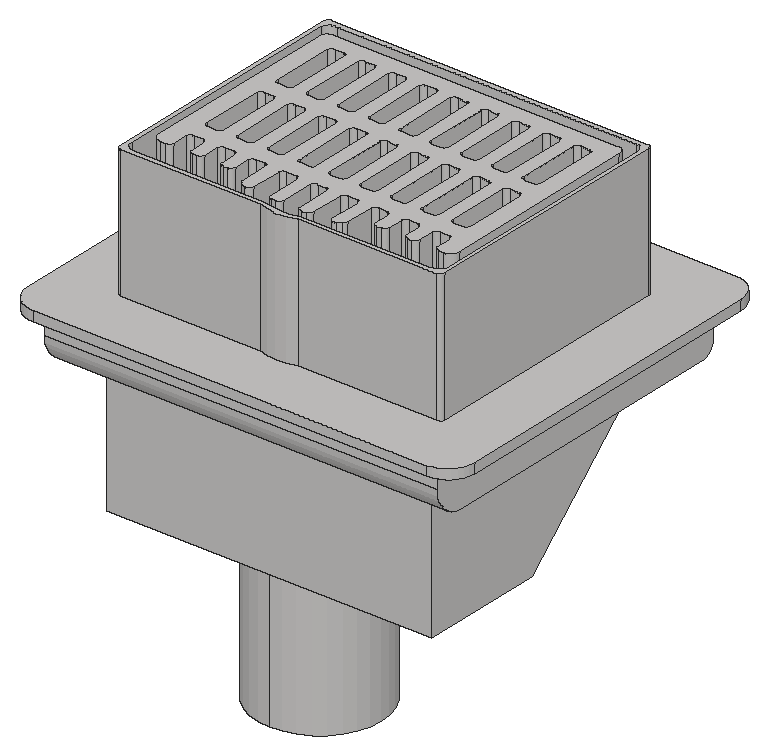
Revit family "Drain_Pit_Zurn_Z1739", category Plumbing Fixtures, host Face, Revit 2022
Family settings
  Host = Face
  Round Connector Dimension = Use Diameter
  Part Type = Normal
  OmniClass Number = 23.45.55.21
  OmniClass Title = Drains (Wastes)
  Cut with Voids When Loaded = No
  Maintain Annotation Orientation = No
  Shared = No
  Room Calculation Point = No
Parameters (values of type "Z1739-3 inch Butt-weld Outlet")
  Waste Connection = 1 = 0  # no
  WFU = 0  # constant formula
  Vent Connection = 1 = 1  # yes
  URL = "http://www.zurn.com/"
  Product data url = "https://bimobject.com/zurnindustries/product/zurn-z1739"
  Product Weight (lbs) = 0
  Product Page URL = "http://www.zurn.com/products/building-drainage/floor-drains/area-drains/z1739"
  Product Documentation Link = "http://www.zurn.com/media-library/web_documents/pdfs/specsheets/59302-pdf"
  Nominal Diameter = 3.000"
  Modified Date = "9/11/2025"  # constant formula
  Model = "Z1739-3BW"
  Manufacturer Brand = "Zurn Water, LLC"  # constant formula
  Manufacturer = "Zurn"  # constant formula
  Main Material = Steel - Zurn - Stainless - Type 304
  HWFU = 1  # constant formula
  HW Connection = 1 = 0  # no
  Dim 'x' = Dim 'A1' - 0.125"  # 1.409"
  Dim 'H' = 9.250"
  Dim 'G' = 11.000"
  Dim 'F' = 12.750"
  Dim 'E2' = Dim 'E' / 2  # 3.750"
  Dim 'E' = 7.500"
  Dim 'D' = Dim 'A' / 2  # 1.534"
  Dim 'C' = 7.625"
  Dim 'B' = 13.000"
  Dim 'A2' = 1.750"
  Dim 'A1' = Dim 'A' / 2  # 1.534"
  Dim 'A' = 3.068"
  Description = "Pit Drain"  # constant formula
  Default Elevation = 48.000"
  Date Created = "3/9/2022"  # constant formula
  CWFU = 1  # constant formula
  CW Connection = 1 = 0  # no
  Assembly Code = "D2030300"
Reference planes (in)
  plane 1 "Center (Front/Back)": y = 0
  plane 2: z = 0
  plane 3 "Center (Left/Right)": x = 0
  plane 4: x = 6.375
  plane 5: x = -6.375
  plane 6: y = 7.8125
  plane 7: y = -3.1875
  plane 8 "Top Plane Grate": z = 4
  plane 9: x = 1.75
  plane 10: x = -1.75
  plane 11: z = -9
  plane 12: y = -1.75
  plane 13: y = 1.75
Lines and regions (in)
  Masking region 1, detail levels fine
    outline origin (0, 0, 0) x (1, 0, 0) y (0, 0, 1)
      loop
        line (-4.625, 4) -> (-4.625, 0.27165) -> (-6.375, 0.27165) -> (-6.375, 0) -> (-5.59055, 0) -> (-5.59055, -1.3878) -> (-4.625, -1.3878) -> (-4.625, -5.10479) -> (-1.75, -5.10479) -> (-1.75, -9) -> (1.75, -9) -> (1.75, -5.10479) -> (4.625, -5.10479) -> (4.625, -1.3878) -> (5.59055, -1.3878) -> (5.59055, 0) -> (6.375, 0) -> (6.375, 0.27165) -> (4.625, 0.27165) -> (4.625, 4) -> (-4.625, 4)
  model lines, detail levels coarse+medium
    curve 1: line (-4.625, 6.0625, 4) -> (4.625, 6.0625, 4)
    curve 2: line (-4.625, -1.4375, 4) -> (-4.625, 6.0625, 4)
    curve 3: line (4.625, -1.4375, 4) -> (-4.625, -1.4375, 4)
    curve 4: line (4.625, 6.0625, 4) -> (4.625, -1.4375, 4)
    curve 5: line (0, 6.0625, 4) -> (0, -1.4375, 4)
    curve 6: line (-0.875, 6.0625, 4) -> (-0.875, -1.4375, 4)
    curve 7: line (-1.75, 6.0625, 4) -> (-1.75, -1.4375, 4)
    curve 8: line (-2.625, 6.0625, 4) -> (-2.625, -1.4375, 4)
    curve 9: line (-3.5, 6.0625, 4) -> (-3.5, -1.4375, 4)
    curve 10: line (0.875, 6.0625, 4) -> (0.875, -1.4375, 4)
    curve 11: line (1.75, 6.0625, 4) -> (1.75, -1.4375, 4)
    curve 12: line (2.625, 6.0625, 4) -> (2.625, -1.4375, 4)
    curve 13: line (3.5, 6.0625, 4) -> (3.5, -1.4375, 4)
    curve 14: line (0, 0, 4) -> (0, 0, -9)
    curve 15: line (-1.75, 0, -9) -> (1.75, 0, -9)
    curve 16: line (0, 1.75, -9) -> (0, -1.75, -9)
    curve 25: arc (-0.53549, -1.4375, 4) -> (0, -1.534, 4) -> (0.53549, -1.4375, 4) r 1.534
  model lines, style "PlumbingFixtures", detail levels coarse+medium
    curve 17: line (6.375, 7.0255, 0) -> (6.375, -2.4005, 0)
    curve 18: line (-5.588, 7.8125, 0) -> (5.588, 7.8125, 0)
    curve 19: line (-6.375, -2.4005, 0) -> (-6.375, 7.0255, 0)
    curve 20: line (5.588, -3.1875, 0) -> (-5.588, -3.1875, 0)
    curve 21: arc (-6.375, 7.0255, 0) -> (-6.14449, 7.58199, 0) -> (-5.588, 7.8125, 0) r 0.787
    curve 22: arc (6.375, 7.0255, 0) -> (6.14449, 7.58199, 0) -> (5.588, 7.8125, 0) r 0.787
    curve 23: arc (5.588, -3.1875, 0) -> (6.14449, -2.95699, 0) -> (6.375, -2.4005, 0) r 0.787
    curve 24: arc (-6.375, -2.4005, 0) -> (-6.14449, -2.95699, 0) -> (-5.588, -3.1875, 0) r 0.787
Dimensions and locks (in)
  locked: plane 8 "Top Plane Grate" to level at 4
  equal spacing: curve 9, curve 8, curve 7, curve 6, nested 1, curve 10, curve 11, curve 12, curve 13, locked at 0.875 each
  locked: curve 9 to curve 13 at 7
  "Dim 'A2'": plane 9 to plane 3 "Center (Left/Right)" to plane 10
  "Dim 'A2'": plane 13 to plane 1 "Center (Front/Back)" to plane 12
  aligned and locked: plane 2 to host face
  aligned and locked: level to host face
  aligned and locked: plane 3 "Center (Left/Right)" to nested 1
  aligned and locked: plane 1 "Center (Front/Back)" to nested 1
  aligned and locked: plane 6 to nested 1
  aligned and locked: plane 7 to nested 1
  aligned and locked: curve 1 to nested 1
  aligned and locked: curve 4 to nested 1
  aligned and locked: curve 2 to nested 1
  aligned and locked: curve 3 to nested 1
  aligned and locked: nested 1 to curve 5  (x2)
  aligned and locked: curve 5 to nested 1
  aligned and locked: plane 8 "Top Plane Grate" to curve 14
  aligned and locked: curve 14 to plane 3 "Center (Left/Right)"
  aligned and locked: Masking region 1 sketch curve to nested 1  (x12)
  aligned and locked: nested 1 to Masking region 1 sketch curve  (x3)
  aligned and locked: Masking region 1 sketch curve to level
  aligned and locked: level to Masking region 1 sketch curve
  aligned and locked: Masking region 1 to curve 14
  aligned and locked: plane 10 to curve 15
  aligned and locked: plane 9 to curve 15
  aligned and locked: curve 15 to plane 11
  aligned and locked: plane 12 to curve 16
  aligned and locked: plane 13 to curve 16
  aligned and locked: curve 16 to plane 11
  aligned and locked: plane 9 to Masking region 1
  aligned and locked: Masking region 1 to plane 10
  aligned and locked: curve 25 to nested 1
Automatic sketch dimensions
  host sketch curve to host sketch curve = 96.000"  (x2)
  Masking region 1 sketch curve to plane 3 "Center (Left/Right)" = 1.750"
  plane 3 "Center (Left/Right)" to Masking region 1 sketch curve = 1.750"
  Masking region 1 sketch curve to Masking region 1 sketch curve = 3.89521"
  curve 19 to plane 5 = 0.000"
  curve 18 to plane 6 = 0.000"
  curve 24 to plane 7 = 0.000"
  curve 22 to plane 4 = 0.000"
  plane 5 to curve 18 = 0.787"
  plane 5 to curve 20 = 0.787"
  curve 20 to plane 4 = 0.787"
  curve 22 to plane 4 = 0.787"
  curve 11 to plane 9 = 0.000"
  curve 5 to plane 3 "Center (Left/Right)" = 0.000"
  curve 7 to plane 10 = 0.000"
  curve 4 to plane 12 = 0.3125"
  curve 4 to plane 4 = 1.750"
  plane 5 to curve 2 = 1.750"
  curve 4 to plane 6 = 1.750"
  plane 9 to curve 12 = 0.875"
  curve 13 to curve 12 = 0.875"
  plane 3 "Center (Left/Right)" to curve 10 = 0.875"
  curve 5 to curve 6 = 0.875"
  curve 7 to curve 8 = 0.875"
  plane 1 "Center (Front/Back)" to curve 25 = 0.000"
  curve 25 to plane 3 "Center (Left/Right)" = 0.000"
  curve 10 to curve 25 = 0.33951"
Nested families (in)
  nested 1: "Butt-Weld" at (0, 0, 0), Material Main <- "Main Material", B <- "Dim 'B'", A <- "Dim 'A'", C <- "Dim 'C'", E <- "Dim 'E'", F <- "Dim 'F'", G <- "Dim 'G'", H <- "Dim 'H'", type "Butt-Weld 3", detail levels fine
    with x 1.409", Material Main Steel - Zurn - Stainless - Type 304, H 9.250", G 11.000", F 12.750", E2 3.750", E 7.500", D 1.534", C 7.625", B 13.000", A2 1.76838", A1 1.534", A 3.068"
Connectors (in)
  piping at (0, 0, -9), diameter 3, driven by "Nominal Diameter", driven by "Vent Connection"
    settings: on nested 1, index 1, connector inside diameter 609.6 mm, connector length 0.000", flow factor 0, pipe flow 0.0 L/s, pressure drop 0.0 Pa, fitting loss kfactor 0, connector angle 0.00°, fixture units 0, engagement length 0.000", angle of deflection 0.00°, flow configuration 0, flow direction 2, fitting loss method 0, system type 16, joint type 0, gender type 0, connector reference index -1, connector utility 1, adjustable connector no, is connector primary yes, connector description "Sanitary Outlet"
Definition of nested family "Butt-Weld"
  Parameters (values of type "Butt-Weld 3")
    x [instance] = A1 - 0.125"  # 1.375"
    Material Main [instance] = none
    H [instance] = 9.250"
    G [instance] = 11.000"
    F [instance] = 12.750"
    E2 [instance] = E / 2  # 3.750"
    E [instance] = 7.500"
    Default Elevation = 0.000"
    D [instance] = A / 2  # 1.500"
    C [instance] = 7.625"
    B [instance] = 13.000"
    A2 [instance] = A1 + 0.23438"  # 1.73438"
    A1 [instance] = A / 2  # 1.500"
    A [instance] = 3.000"
  Reference planes (in)
    plane 1 "Center (Front/Back)": y = 0
    plane 2: z = 0
    plane 3 "Center (Left/Right)": x = 0
    plane 4 "Grate Plane": z = 4
    plane 5: z = -9
    plane 6: y = -1.5
    plane 7: y = 6.125
    plane 8: y = 2.3125
    plane 9: y = -3.1875
    plane 10: y = 7.8125
    plane 11: x = -6.375
    plane 12: x = 6.375
    plane 13: y = -2.7875
    plane 14: y = 7.0125
    plane 15: y = -1.73437
    plane 16: z = -1.3878
    plane 17: y = 6.0625
    plane 18: y = -1.4375
    plane 19: x = -4.625
    plane 20: x = 4.625
    plane 21: y = 5.07318
    plane 22: y = 3.07318
    plane 23: y = 2.57318
    plane 24: y = 0.57318
    plane 25: y = 0.07318
  Forms (in)
    Extrusion 1, solid, material <- "Material Main", detail levels fine
      sketch origin (0, 0, 4.27165) x (1, 0, 0) y (0, 1, 0)
        loop
          arc (-5.5876, 7.8125) -> (-6.14438, 7.58188) -> (-6.375, 7.0251) r 0.7874
          line (-6.375, 7.0251) -> (-6.375, -2.4001)
          arc (-6.375, -2.4001) -> (-6.14438, -2.95688) -> (-5.5876, -3.1875) r 0.7874
          line (-5.5876, -3.1875) -> (5.588, -3.1875)
          arc (5.588, -3.1875) -> (6.14449, -2.95699) -> (6.375, -2.4005) r 0.787
          line (6.375, -2.4005) -> (6.375, 7.0251)
          arc (6.375, 7.0251) -> (6.14438, 7.58188) -> (5.5876, 7.8125) r 0.7874
          line (5.5876, 7.8125) -> (-5.5876, 7.8125)
      from -4.27165 to -4
    Extrusion 2, solid, material <- "Material Main", detail levels fine
      sketch origin (0, 2.27559, 4.25591) x (0, 1, 0) y (0, 0, 1)
        loop
          line (4.73691, -4.25591) -> (-5.06309, -4.25591) -> (-5.06309, -4.7687)
          arc (-5.06309, -4.7687) -> (-4.80681, -5.38742) -> (-4.18809, -5.6437) r 0.875
          line (-4.18809, -5.6437) -> (4.36191, -5.6437)
          arc (4.36191, -5.6437) -> (4.62707, -5.53387) -> (4.73691, -5.2687) r 0.375
          line (4.73691, -5.2687) -> (4.73691, -4.25591)
      from -5.59055 to 5.59055
    Extrusion 3, solid, material <- "Material Main", detail levels fine
      sketch origin (0, 2.37422, 3.83201) x (0, 1, 0) y (0, 0, 1)
        loop
          line (3.44173, -5.21981) -> (-4.10859, -5.21981) -> (-4.10859, -8.9368) -> (-0.63984, -8.9368) -> (3.44173, -5.21981)
      from -4.62598 to 4.62598
    Sweep 4, solid, material <- "Material Main", detail levels fine
      path origin (0, 0, 0) x (0, 1, 0) y (0, 0, 1)
        loop
          line (0, -9) -> (0, -5.10479)
      profile origin (0, 0, -7.05239) x (0, -1, 0) y (1, 0, 0)
        loop
          circle (0, 0) r 1.5
        loop
          circle (0, 0) r 1.73438
    Extrusion 5, solid, material <- "Material Main", detail levels fine
      sketch origin (0, 2.625, 0) x (1, 0, 0) y (0, 1, 0)
        loop
          arc (-4.5, 3.4375) -> (-4.58839, 3.40089) -> (-4.625, 3.3125) r 0.125
          line (-4.625, 3.3125) -> (-4.625, -3.9375)
          arc (-4.625, -3.9375) -> (-4.58839, -4.02589) -> (-4.5, -4.0625) r 0.125
          line (-4.5, -4.0625) -> (-0.42848, -4.0625)
          arc (-0.42848, -4.0625) -> (0, -4.125) -> (0.42848, -4.0625) r 1.5
          line (0.42848, -4.0625) -> (4.5, -4.0625)
          arc (4.5, -4.0625) -> (4.58839, -4.02589) -> (4.625, -3.9375) r 0.125
          line (4.625, -3.9375) -> (4.625, 3.3125)
          arc (4.625, 3.3125) -> (4.58839, 3.40089) -> (4.5, 3.4375) r 0.125
          line (4.5, 3.4375) -> (-4.5, 3.4375)
        loop
          arc (-4.24874, 3.30581) -> (-4.42734, 3.23183) -> (-4.50132, 3.05324) r 0.25258
          line (-4.50132, 3.05324) -> (-4.50132, -3.68817)
          arc (-4.50132, -3.68817) -> (-4.42788, -3.86546) -> (-4.2506, -3.93889) r 0.25072
          line (-4.2506, -3.93889) -> (-0.40536, -3.93889)
          arc (-0.40536, -3.93889) -> (0, -4) -> (0.40536, -3.93889) r 1.375
          line (0.40536, -3.93889) -> (4.2006, -3.93889)
          arc (4.2006, -3.93889) -> (4.42601, -3.86601) -> (4.52248, -3.64964) r 0.2909
          line (4.52248, -3.64964) -> (4.52248, 3.04558)
          arc (4.52248, 3.04558) -> (4.44626, 3.22959) -> (4.26225, 3.30581) r 0.26023
          line (4.26225, 3.30581) -> (-4.24874, 3.30581)
      from 0 to 4
    Extrusion 6, solid, material <- "Material Main", detail levels fine
      sketch origin (0.00049, 2.36624, 0) x (1, 0, 0) y (0, 1, 0)
        loop
          line (4.03027, 3.20694) -> (-4.03125, 3.20694)
          arc (-4.03125, 3.20694) -> (-4.20803, 3.13372) -> (-4.28125, 2.95694) r 0.25
          line (-4.28125, 2.95694) -> (-4.28125, -2.71875)
          arc (-4.28125, -2.71875) -> (-4.20803, -2.89553) -> (-4.03125, -2.96875) r 0.25
          line (-4.03125, -2.96875) -> (-3.875, -2.96875)
          arc (-3.875, -2.96875) -> (-3.78661, -2.93214) -> (-3.75, -2.84375) r 0.125
          line (-3.75, -2.84375) -> (-3.75, -2.41802)
          arc (-3.75, -2.41802) -> (-3.71339, -2.32963) -> (-3.625, -2.29302) r 0.125
          line (-3.625, -2.29302) -> (-3.375, -2.29302)
          arc (-3.375, -2.29302) -> (-3.28661, -2.32963) -> (-3.25, -2.41802) r 0.125
          line (-3.25, -2.41802) -> (-3.25, -2.84375)
          arc (-3.25, -2.84375) -> (-3.21339, -2.93214) -> (-3.125, -2.96875) r 0.125
          line (-3.125, -2.96875) -> (-3, -2.96875)
          arc (-3, -2.96875) -> (-2.91161, -2.93214) -> (-2.875, -2.84375) r 0.125
          line (-2.875, -2.84375) -> (-2.875, -2.41802)
          arc (-2.875, -2.41802) -> (-2.83839, -2.32963) -> (-2.75, -2.29302) r 0.125
          line (-2.75, -2.29302) -> (-2.5, -2.29302)
          arc (-2.5, -2.29302) -> (-2.41161, -2.32963) -> (-2.375, -2.41802) r 0.125
          line (-2.375, -2.41802) -> (-2.375, -2.84375)
          arc (-2.375, -2.84375) -> (-2.33839, -2.93214) -> (-2.25, -2.96875) r 0.125
          line (-2.25, -2.96875) -> (-2.125, -2.96875)
          arc (-2.125, -2.96875) -> (-2.03661, -2.93214) -> (-2, -2.84375) r 0.125
          line (-2, -2.84375) -> (-2, -2.41802)
          arc (-2, -2.41802) -> (-1.96339, -2.32963) -> (-1.875, -2.29302) r 0.125
          line (-1.875, -2.29302) -> (-1.625, -2.29302)
          arc (-1.625, -2.29302) -> (-1.53661, -2.32963) -> (-1.5, -2.41802) r 0.125
          line (-1.5, -2.41802) -> (-1.5, -3.21528)
          arc (-1.5, -3.21528) -> (-1.48285, -3.27847) -> (-1.43611, -3.32433) r 0.125
          arc (-1.43611, -3.32433) -> (-1.37127, -3.35961) -> (-1.30556, -3.39324) r 2.9375
          arc (-1.30556, -3.39324) -> (-1.18412, -3.3875) -> (-1.125, -3.28127) r 0.125
          line (-1.125, -3.28127) -> (-1.125, -2.41802)
          arc (-1.125, -2.41802) -> (-1.08839, -2.32963) -> (-1, -2.29302) r 0.125
          line (-1, -2.29302) -> (-0.7214, -2.29302)
          arc (-0.7214, -2.29302) -> (-0.63301, -2.32963) -> (-0.5964, -2.41802) r 0.125
          line (-0.5964, -2.41802) -> (-0.5964, -3.33207)
          arc (-0.5964, -3.33207) -> (-0.56732, -3.41222) -> (-0.49362, -3.45508) r 0.125
          arc (-0.49362, -3.45508) -> (-0.42846, -3.4661) -> (-0.36306, -3.47565) r 2.9375
          arc (-0.36306, -3.47565) -> (-0.26411, -3.44586) -> (-0.2214, -3.35176) r 0.125
          line (-0.2214, -3.35176) -> (-0.2214, -2.41802)
          arc (-0.2214, -2.41802) -> (-0.18478, -2.32963) -> (-0.0964, -2.29302) r 0.125
          line (-0.0964, -2.29302) -> (0.12065, -2.29302)
          arc (0.12065, -2.29302) -> (0.20904, -2.32963) -> (0.24565, -2.41802) r 0.125
          line (0.24565, -2.41802) -> (0.24565, -3.35532)
          arc (0.24565, -3.35532) -> (0.28837, -3.44942) -> (0.38732, -3.47921) r 0.125
          arc (0.38732, -3.47921) -> (0.45271, -3.46966) -> (0.51788, -3.45864) r 2.9375
          arc (0.51788, -3.45864) -> (0.59158, -3.41578) -> (0.62065, -3.33564) r 0.125
          line (0.62065, -3.33564) -> (0.62065, -2.41802)
          arc (0.62065, -2.41802) -> (0.65726, -2.32963) -> (0.74565, -2.29302) r 0.125
          line (0.74565, -2.29302) -> (1, -2.29302)
          arc (1, -2.29302) -> (1.08839, -2.32963) -> (1.125, -2.41802) r 0.125
          line (1.125, -2.41802) -> (1.125, -3.28127)
          arc (1.125, -3.28127) -> (1.18412, -3.3875) -> (1.30556, -3.39324) r 0.125
          arc (1.30556, -3.39324) -> (1.37127, -3.35961) -> (1.43611, -3.32433) r 2.9375
          arc (1.43611, -3.32433) -> (1.48285, -3.27847) -> (1.5, -3.21528) r 0.125
          line (1.5, -3.21528) -> (1.5, -2.41802)
          arc (1.5, -2.41802) -> (1.53661, -2.32963) -> (1.625, -2.29302) r 0.125
          line (1.625, -2.29302) -> (1.875, -2.29302)
          arc (1.875, -2.29302) -> (1.96339, -2.32963) -> (2, -2.41802) r 0.125
          line (2, -2.41802) -> (2, -2.84375)
          arc (2, -2.84375) -> (2.03661, -2.93214) -> (2.125, -2.96875) r 0.125
          line (2.125, -2.96875) -> (2.25, -2.96875)
          arc (2.25, -2.96875) -> (2.33839, -2.93214) -> (2.375, -2.84375) r 0.125
          line (2.375, -2.84375) -> (2.375, -2.41802)
          arc (2.375, -2.41802) -> (2.41161, -2.32963) -> (2.5, -2.29302) r 0.125
          line (2.5, -2.29302) -> (2.75, -2.29302)
          arc (2.75, -2.29302) -> (2.83839, -2.32963) -> (2.875, -2.41802) r 0.125
          line (2.875, -2.41802) -> (2.875, -2.84375)
          arc (2.875, -2.84375) -> (2.91161, -2.93214) -> (3, -2.96875) r 0.125
          line (3, -2.96875) -> (3.125, -2.96875)
          arc (3.125, -2.96875) -> (3.21339, -2.93214) -> (3.25, -2.84375) r 0.125
          line (3.25, -2.84375) -> (3.25, -2.41806)
          arc (3.25, -2.41806) -> (3.28662, -2.32964) -> (3.37504, -2.29302) r 0.12504
          line (3.37504, -2.29302) -> (3.62504, -2.29302)
          arc (3.62504, -2.29302) -> (3.7134, -2.32962) -> (3.75, -2.41798) r 0.12496
          line (3.75, -2.41798) -> (3.75, -2.84277)
          arc (3.75, -2.84277) -> (3.78661, -2.93115) -> (3.875, -2.96777) r 0.125
          line (3.875, -2.96777) -> (4.03125, -2.96777)
          arc (4.03125, -2.96777) -> (4.20733, -2.89483) -> (4.28027, -2.71875) r 0.24902
          line (4.28027, -2.71875) -> (4.28027, 2.95694)
          arc (4.28027, 2.95694) -> (4.20704, 3.13372) -> (4.03027, 3.20694) r 0.25
        loop
          arc (-3.375, -1.79314) -> (-3.28661, -1.75653) -> (-3.25, -1.66814) r 0.125
          line (-3.25, -1.66814) -> (-3.25, 0.08194)
          arc (-3.25, 0.08194) -> (-3.28661, 0.17033) -> (-3.375, 0.20694) r 0.125
          line (-3.375, 0.20694) -> (-3.625, 0.20694)
          arc (-3.625, 0.20694) -> (-3.71339, 0.17033) -> (-3.75, 0.08194) r 0.125
          line (-3.75, 0.08194) -> (-3.75, -1.66814)
          arc (-3.75, -1.66814) -> (-3.71339, -1.75653) -> (-3.625, -1.79314) r 0.125
          line (-3.625, -1.79314) -> (-3.375, -1.79314)
        loop
          arc (-2.5, -1.79314) -> (-2.41161, -1.75653) -> (-2.375, -1.66814) r 0.125
          line (-2.375, -1.66814) -> (-2.375, 0.08194)
          arc (-2.375, 0.08194) -> (-2.41161, 0.17033) -> (-2.5, 0.20694) r 0.125
          line (-2.5, 0.20694) -> (-2.75, 0.20694)
          arc (-2.75, 0.20694) -> (-2.83839, 0.17033) -> (-2.875, 0.08194) r 0.125
          line (-2.875, 0.08194) -> (-2.875, -1.66814)
          arc (-2.875, -1.66814) -> (-2.83839, -1.75653) -> (-2.75, -1.79314) r 0.125
          line (-2.75, -1.79314) -> (-2.5, -1.79314)
        loop
          arc (-1.625, -1.79314) -> (-1.53661, -1.75653) -> (-1.5, -1.66814) r 0.125
          line (-1.5, -1.66814) -> (-1.5, 0.08194)
          arc (-1.5, 0.08194) -> (-1.53661, 0.17033) -> (-1.625, 0.20694) r 0.125
          line (-1.625, 0.20694) -> (-1.875, 0.20694)
          arc (-1.875, 0.20694) -> (-1.96339, 0.17033) -> (-2, 0.08194) r 0.125
          line (-2, 0.08194) -> (-2, -1.66814)
          arc (-2, -1.66814) -> (-1.96339, -1.75653) -> (-1.875, -1.79314) r 0.125
          line (-1.875, -1.79314) -> (-1.625, -1.79314)
        loop
          arc (-0.75, -1.79314) -> (-0.66161, -1.75653) -> (-0.625, -1.66814) r 0.125
          line (-0.625, -1.66814) -> (-0.625, 0.08194)
          arc (-0.625, 0.08194) -> (-0.66161, 0.17033) -> (-0.75, 0.20694) r 0.125
          line (-0.75, 0.20694) -> (-1, 0.20694)
          arc (-1, 0.20694) -> (-1.08839, 0.17033) -> (-1.125, 0.08194) r 0.125
          line (-1.125, 0.08194) -> (-1.125, -1.66814)
          arc (-1.125, -1.66814) -> (-1.08839, -1.75653) -> (-1, -1.79314) r 0.125
          line (-1, -1.79314) -> (-0.75, -1.79314)
        loop
          arc (0.125, -1.79314) -> (0.21339, -1.75653) -> (0.25, -1.66814) r 0.125
          line (0.25, -1.66814) -> (0.25, 0.08194)
          arc (0.25, 0.08194) -> (0.21339, 0.17033) -> (0.125, 0.20694) r 0.125
          line (0.125, 0.20694) -> (-0.125, 0.20694)
          arc (-0.125, 0.20694) -> (-0.21339, 0.17033) -> (-0.25, 0.08194) r 0.125
          line (-0.25, 0.08194) -> (-0.25, -1.66814)
          arc (-0.25, -1.66814) -> (-0.21339, -1.75653) -> (-0.125, -1.79314) r 0.125
          line (-0.125, -1.79314) -> (0.125, -1.79314)
        loop
          arc (1, -1.79314) -> (1.08839, -1.75653) -> (1.125, -1.66814) r 0.125
          line (1.125, -1.66814) -> (1.125, 0.08194)
          arc (1.125, 0.08194) -> (1.08839, 0.17033) -> (1, 0.20694) r 0.125
          line (1, 0.20694) -> (0.75, 0.20694)
          arc (0.75, 0.20694) -> (0.66161, 0.17033) -> (0.625, 0.08194) r 0.125
          line (0.625, 0.08194) -> (0.625, -1.66814)
          arc (0.625, -1.66814) -> (0.66161, -1.75653) -> (0.75, -1.79314) r 0.125
          line (0.75, -1.79314) -> (1, -1.79314)
        loop
          arc (1.875, -1.79314) -> (1.96339, -1.75653) -> (2, -1.66814) r 0.125
          line (2, -1.66814) -> (2, 0.08194)
          arc (2, 0.08194) -> (1.96339, 0.17033) -> (1.875, 0.20694) r 0.125
          line (1.875, 0.20694) -> (1.625, 0.20694)
          arc (1.625, 0.20694) -> (1.53661, 0.17033) -> (1.5, 0.08194) r 0.125
          line (1.5, 0.08194) -> (1.5, -1.66814)
          arc (1.5, -1.66814) -> (1.53661, -1.75653) -> (1.625, -1.79314) r 0.125
          line (1.625, -1.79314) -> (1.875, -1.79314)
        loop
          arc (2.75, -1.79314) -> (2.83839, -1.75653) -> (2.875, -1.66814) r 0.125
          line (2.875, -1.66814) -> (2.875, 0.08194)
          arc (2.875, 0.08194) -> (2.83839, 0.17033) -> (2.75, 0.20694) r 0.125
          line (2.75, 0.20694) -> (2.5, 0.20694)
          arc (2.5, 0.20694) -> (2.41161, 0.17033) -> (2.375, 0.08194) r 0.125
          line (2.375, 0.08194) -> (2.375, -1.66814)
          arc (2.375, -1.66814) -> (2.41161, -1.75653) -> (2.5, -1.79314) r 0.125
          line (2.5, -1.79314) -> (2.75, -1.79314)
        loop
          arc (3.625, -1.79314) -> (3.71339, -1.75653) -> (3.75, -1.66814) r 0.125
          line (3.75, -1.66814) -> (3.75, 0.08194)
          arc (3.75, 0.08194) -> (3.71339, 0.17033) -> (3.625, 0.20694) r 0.125
          line (3.625, 0.20694) -> (3.375, 0.20694)
          arc (3.375, 0.20694) -> (3.28661, 0.17033) -> (3.25, 0.08194) r 0.125
          line (3.25, 0.08194) -> (3.25, -1.66814)
          arc (3.25, -1.66814) -> (3.28661, -1.75653) -> (3.375, -1.79314) r 0.125
          line (3.375, -1.79314) -> (3.625, -1.79314)
        loop
          arc (-3.625, 2.70694) -> (-3.71339, 2.67033) -> (-3.75, 2.58194) r 0.125
          line (-3.75, 2.58194) -> (-3.75, 0.83194)
          arc (-3.75, 0.83194) -> (-3.71339, 0.74355) -> (-3.625, 0.70694) r 0.125
          line (-3.625, 0.70694) -> (-3.375, 0.70694)
          arc (-3.375, 0.70694) -> (-3.28661, 0.74355) -> (-3.25, 0.83194) r 0.125
          line (-3.25, 0.83194) -> (-3.25, 2.58194)
          arc (-3.25, 2.58194) -> (-3.28661, 2.67033) -> (-3.375, 2.70694) r 0.125
          line (-3.375, 2.70694) -> (-3.625, 2.70694)
        loop
          arc (-2.75, 2.70694) -> (-2.83839, 2.67033) -> (-2.875, 2.58194) r 0.125
          line (-2.875, 2.58194) -> (-2.875, 0.83194)
          arc (-2.875, 0.83194) -> (-2.83839, 0.74355) -> (-2.75, 0.70694) r 0.125
          line (-2.75, 0.70694) -> (-2.5, 0.70694)
          arc (-2.5, 0.70694) -> (-2.41161, 0.74355) -> (-2.375, 0.83194) r 0.125
          line (-2.375, 0.83194) -> (-2.375, 2.58194)
          arc (-2.375, 2.58194) -> (-2.41161, 2.67033) -> (-2.5, 2.70694) r 0.125
          line (-2.5, 2.70694) -> (-2.75, 2.70694)
        loop
          arc (-1.875, 2.70694) -> (-1.96339, 2.67033) -> (-2, 2.58194) r 0.125
          line (-2, 2.58194) -> (-2, 0.83194)
          arc (-2, 0.83194) -> (-1.96339, 0.74355) -> (-1.875, 0.70694) r 0.125
          line (-1.875, 0.70694) -> (-1.625, 0.70694)
          arc (-1.625, 0.70694) -> (-1.53661, 0.74355) -> (-1.5, 0.83194) r 0.125
          line (-1.5, 0.83194) -> (-1.5, 2.58194)
          arc (-1.5, 2.58194) -> (-1.53661, 2.67033) -> (-1.625, 2.70694) r 0.125
          line (-1.625, 2.70694) -> (-1.875, 2.70694)
        loop
          arc (-1, 2.70694) -> (-1.08839, 2.67033) -> (-1.125, 2.58194) r 0.125
          line (-1.125, 2.58194) -> (-1.125, 0.83194)
          arc (-1.125, 0.83194) -> (-1.08839, 0.74355) -> (-1, 0.70694) r 0.125
          line (-1, 0.70694) -> (-0.75, 0.70694)
          arc (-0.75, 0.70694) -> (-0.66161, 0.74355) -> (-0.625, 0.83194) r 0.125
          line (-0.625, 0.83194) -> (-0.625, 2.58194)
          arc (-0.625, 2.58194) -> (-0.66161, 2.67033) -> (-0.75, 2.70694) r 0.125
          line (-0.75, 2.70694) -> (-1, 2.70694)
        loop
          arc (-0.125, 2.70694) -> (-0.21339, 2.67033) -> (-0.25, 2.58194) r 0.125
          line (-0.25, 2.58194) -> (-0.25, 0.83194)
          arc (-0.25, 0.83194) -> (-0.21339, 0.74355) -> (-0.125, 0.70694) r 0.125
          line (-0.125, 0.70694) -> (0.125, 0.70694)
          arc (0.125, 0.70694) -> (0.21339, 0.74355) -> (0.25, 0.83194) r 0.125
          line (0.25, 0.83194) -> (0.25, 2.58194)
          arc (0.25, 2.58194) -> (0.21339, 2.67033) -> (0.125, 2.70694) r 0.125
          line (0.125, 2.70694) -> (-0.125, 2.70694)
        loop
          arc (0.75, 2.70694) -> (0.66161, 2.67033) -> (0.625, 2.58194) r 0.125
          line (0.625, 2.58194) -> (0.625, 0.83194)
          arc (0.625, 0.83194) -> (0.66161, 0.74355) -> (0.75, 0.70694) r 0.125
          line (0.75, 0.70694) -> (1, 0.70694)
          arc (1, 0.70694) -> (1.08839, 0.74355) -> (1.125, 0.83194) r 0.125
          line (1.125, 0.83194) -> (1.125, 2.58194)
          arc (1.125, 2.58194) -> (1.08839, 2.67033) -> (1, 2.70694) r 0.125
          line (1, 2.70694) -> (0.75, 2.70694)
        loop
          arc (1.625, 2.70694) -> (1.53661, 2.67033) -> (1.5, 2.58194) r 0.125
          line (1.5, 2.58194) -> (1.5, 0.83194)
          arc (1.5, 0.83194) -> (1.53661, 0.74355) -> (1.625, 0.70694) r 0.125
          line (1.625, 0.70694) -> (1.875, 0.70694)
          arc (1.875, 0.70694) -> (1.96339, 0.74355) -> (2, 0.83194) r 0.125
          line (2, 0.83194) -> (2, 2.58194)
          arc (2, 2.58194) -> (1.96339, 2.67033) -> (1.875, 2.70694) r 0.125
          line (1.875, 2.70694) -> (1.625, 2.70694)
        loop
          arc (2.5, 2.70694) -> (2.41161, 2.67033) -> (2.375, 2.58194) r 0.125
          line (2.375, 2.58194) -> (2.375, 0.83194)
          arc (2.375, 0.83194) -> (2.41161, 0.74355) -> (2.5, 0.70694) r 0.125
          line (2.5, 0.70694) -> (2.75, 0.70694)
          arc (2.75, 0.70694) -> (2.83839, 0.74355) -> (2.875, 0.83194) r 0.125
          line (2.875, 0.83194) -> (2.875, 2.58194)
          arc (2.875, 2.58194) -> (2.83839, 2.67033) -> (2.75, 2.70694) r 0.125
          line (2.75, 2.70694) -> (2.5, 2.70694)
        loop
          arc (3.375, 2.70694) -> (3.28661, 2.67033) -> (3.25, 2.58194) r 0.125
          line (3.25, 2.58194) -> (3.25, 0.83194)
          arc (3.25, 0.83194) -> (3.28661, 0.74355) -> (3.375, 0.70694) r 0.125
          line (3.375, 0.70694) -> (3.625, 0.70694)
          arc (3.625, 0.70694) -> (3.71339, 0.74355) -> (3.75, 0.83194) r 0.125
          line (3.75, 0.83194) -> (3.75, 2.58194)
          arc (3.75, 2.58194) -> (3.71339, 2.67033) -> (3.625, 2.70694) r 0.125
          line (3.625, 2.70694) -> (3.375, 2.70694)
      from 0 to 4
  Lines and regions (in)
    Masking region 1
      outline origin (0, 0, 0) x (0, 1, 0) y (0, 0, 1)
        loop
          line (6.0625, 4) -> (-1.5, 4) -> (-1.5, 0.27165) -> (-3.1875, 0.27165) -> (-3.1875, 0) -> (-2.7875, 0) -> (-2.7875, -1.0128)
          arc (-2.7875, -1.0128) -> (-2.67767, -1.27796) -> (-2.4125, -1.3878) r 0.375
          line (-2.4125, -1.3878) -> (-1.73438, -1.3878) -> (-1.73438, -9) -> (1.73437, -9) -> (1.73438, -5.10479) -> (5.81595, -1.3878) -> (6.6375, -1.3878)
          arc (6.6375, -1.3878) -> (6.90267, -1.27796) -> (7.0125, -1.0128) r 0.375
          line (7.0125, -1.0128) -> (7.0125, 0) -> (7.8125, 0) -> (7.8125, 0.27165) -> (6.0625, 0.27165) -> (6.0625, 4)
    symbolic lines
      curve 1: arc (-3.37451, 5.07318, 0) -> (-3.28612, 5.03656, 0) -> (-3.24951, 4.94818, 0) r 0.125
      curve 2: line (-3.24951, 4.94818, 0) -> (-3.24951, 3.19818, 0)
      curve 3: arc (-3.24951, 3.19818, 0) -> (-3.28612, 3.10979, 0) -> (-3.37451, 3.07318, 0) r 0.125
      curve 4: line (-3.37451, 3.07318, 0) -> (-3.62451, 3.07318, 0)
      curve 5: arc (-3.62451, 3.07318, 0) -> (-3.7129, 3.10979, 0) -> (-3.74951, 3.19818, 0) r 0.125
      curve 6: line (-3.74951, 3.19818, 0) -> (-3.74951, 4.94818, 0)
      curve 7: arc (-3.74951, 4.94818, 0) -> (-3.7129, 5.03656, 0) -> (-3.62451, 5.07318, 0) r 0.125
      curve 8: line (-3.62451, 5.07318, 0) -> (-3.37451, 5.07318, 0)
      curve 9: arc (-2.37451, 3.19818, 0) -> (-2.41112, 3.10979, 0) -> (-2.49951, 3.07318, 0) r 0.125
      curve 10: line (-2.49951, 3.07318, 0) -> (-2.74951, 3.07318, 0)
      curve 11: arc (-2.74951, 3.07318, 0) -> (-2.8379, 3.10979, 0) -> (-2.87451, 3.19818, 0) r 0.125
      curve 12: line (-2.87451, 3.19818, 0) -> (-2.87451, 4.94818, 0)
      curve 13: arc (-2.87451, 4.94818, 0) -> (-2.8379, 5.03656, 0) -> (-2.74951, 5.07318, 0) r 0.125
      curve 14: line (-2.74951, 5.07318, 0) -> (-2.49951, 5.07318, 0)
      curve 15: arc (-2.49951, 5.07318, 0) -> (-2.41112, 5.03656, 0) -> (-2.37451, 4.94818, 0) r 0.125
      curve 16: line (-2.37451, 4.94818, 0) -> (-2.37451, 3.19818, 0)
      curve 17: arc (-1.49951, 3.19818, 0) -> (-1.53612, 3.10979, 0) -> (-1.62451, 3.07318, 0) r 0.125
      curve 18: line (-1.62451, 3.07318, 0) -> (-1.87451, 3.07318, 0)
      curve 19: arc (-1.87451, 3.07318, 0) -> (-1.9629, 3.10979, 0) -> (-1.99951, 3.19818, 0) r 0.125
      curve 20: line (-1.99951, 3.19818, 0) -> (-1.99951, 4.94818, 0)
      curve 21: arc (-1.99951, 4.94818, 0) -> (-1.9629, 5.03656, 0) -> (-1.87451, 5.07318, 0) r 0.125
      curve 22: line (-1.87451, 5.07318, 0) -> (-1.62451, 5.07318, 0)
      curve 23: arc (-1.62451, 5.07318, 0) -> (-1.53612, 5.03656, 0) -> (-1.49951, 4.94818, 0) r 0.125
      curve 24: line (-1.49951, 4.94818, 0) -> (-1.49951, 3.19818, 0)
      curve 25: arc (-0.62451, 3.19818, 0) -> (-0.66112, 3.10979, 0) -> (-0.74951, 3.07318, 0) r 0.125
      curve 26: line (-0.74951, 3.07318, 0) -> (-0.99951, 3.07318, 0)
      curve 27: arc (-0.99951, 3.07318, 0) -> (-1.0879, 3.10979, 0) -> (-1.12451, 3.19818, 0) r 0.125
      curve 28: line (-1.12451, 3.19818, 0) -> (-1.12451, 4.94818, 0)
      curve 29: arc (-1.12451, 4.94818, 0) -> (-1.0879, 5.03656, 0) -> (-0.99951, 5.07318, 0) r 0.125
      curve 30: line (-0.99951, 5.07318, 0) -> (-0.74951, 5.07318, 0)
      curve 31: arc (-0.74951, 5.07318, 0) -> (-0.66112, 5.03656, 0) -> (-0.62451, 4.94818, 0) r 0.125
      curve 32: line (-0.62451, 4.94818, 0) -> (-0.62451, 3.19818, 0)
      curve 33: line (0.25049, 4.94818, 0) -> (0.25049, 3.19818, 0)
      curve 34: arc (0.25049, 3.19818, 0) -> (0.21388, 3.10979, 0) -> (0.12549, 3.07318, 0) r 0.125
      curve 35: line (0.12549, 3.07318, 0) -> (-0.12451, 3.07318, 0)
      curve 36: arc (-0.12451, 3.07318, 0) -> (-0.2129, 3.10979, 0) -> (-0.24951, 3.19818, 0) r 0.125
      curve 37: line (-0.24951, 3.19818, 0) -> (-0.24951, 4.94818, 0)
      curve 38: arc (-0.24951, 4.94818, 0) -> (-0.2129, 5.03656, 0) -> (-0.12451, 5.07318, 0) r 0.125
      curve 39: line (-0.12451, 5.07318, 0) -> (0.12549, 5.07318, 0)
      curve 40: arc (0.12549, 5.07318, 0) -> (0.21388, 5.03656, 0) -> (0.25049, 4.94818, 0) r 0.125
      curve 41: line (1.12549, 4.94818, 0) -> (1.12549, 3.19818, 0)
      curve 42: arc (1.12549, 3.19818, 0) -> (1.08888, 3.10979, 0) -> (1.00049, 3.07318, 0) r 0.125
      curve 43: line (1.00049, 3.07318, 0) -> (0.75049, 3.07318, 0)
      curve 44: arc (0.75049, 3.07318, 0) -> (0.6621, 3.10979, 0) -> (0.62549, 3.19818, 0) r 0.125
      curve 45: line (0.62549, 3.19818, 0) -> (0.62549, 4.94818, 0)
      curve 46: arc (0.62549, 4.94818, 0) -> (0.6621, 5.03656, 0) -> (0.75049, 5.07318, 0) r 0.125
      curve 47: line (0.75049, 5.07318, 0) -> (1.00049, 5.07318, 0)
      curve 48: arc (1.00049, 5.07318, 0) -> (1.08888, 5.03656, 0) -> (1.12549, 4.94818, 0) r 0.125
      curve 49: line (2.00049, 4.94818, 0) -> (2.00049, 3.19818, 0)
      curve 50: arc (2.00049, 3.19818, 0) -> (1.96388, 3.10979, 0) -> (1.87549, 3.07318, 0) r 0.125
      curve 51: line (1.87549, 3.07318, 0) -> (1.62549, 3.07318, 0)
      curve 52: arc (1.62549, 3.07318, 0) -> (1.5371, 3.10979, 0) -> (1.50049, 3.19818, 0) r 0.125
      curve 53: line (1.50049, 3.19818, 0) -> (1.50049, 4.94818, 0)
      curve 54: arc (1.50049, 4.94818, 0) -> (1.5371, 5.03656, 0) -> (1.62549, 5.07318, 0) r 0.125
      curve 55: line (1.62549, 5.07318, 0) -> (1.87549, 5.07318, 0)
      curve 56: arc (1.87549, 5.07318, 0) -> (1.96388, 5.03656, 0) -> (2.00049, 4.94818, 0) r 0.125
      curve 57: line (2.87549, 4.94818, 0) -> (2.87549, 3.19818, 0)
      curve 58: arc (2.87549, 3.19818, 0) -> (2.83888, 3.10979, 0) -> (2.75049, 3.07318, 0) r 0.125
      curve 59: line (2.75049, 3.07318, 0) -> (2.50049, 3.07318, 0)
      curve 60: arc (2.50049, 3.07318, 0) -> (2.4121, 3.10979, 0) -> (2.37549, 3.19818, 0) r 0.125
      curve 61: line (2.37549, 3.19818, 0) -> (2.37549, 4.94818, 0)
      curve 62: arc (2.37549, 4.94818, 0) -> (2.4121, 5.03656, 0) -> (2.50049, 5.07318, 0) r 0.125
      curve 63: line (2.50049, 5.07318, 0) -> (2.75049, 5.07318, 0)
      curve 64: arc (2.75049, 5.07318, 0) -> (2.83888, 5.03656, 0) -> (2.87549, 4.94818, 0) r 0.125
      curve 65: line (3.75049, 4.94818, 0) -> (3.75049, 3.19818, 0)
      curve 66: arc (3.75049, 3.19818, 0) -> (3.71388, 3.10979, 0) -> (3.62549, 3.07318, 0) r 0.125
      curve 67: line (3.62549, 3.07318, 0) -> (3.37549, 3.07318, 0)
      curve 68: arc (3.37549, 3.07318, 0) -> (3.2871, 3.10979, 0) -> (3.25049, 3.19818, 0) r 0.125
      curve 69: line (3.25049, 3.19818, 0) -> (3.25049, 4.94818, 0)
      curve 70: arc (3.25049, 4.94818, 0) -> (3.2871, 5.03656, 0) -> (3.37549, 5.07318, 0) r 0.125
      curve 71: line (3.37549, 5.07318, 0) -> (3.62549, 5.07318, 0)
      curve 72: arc (3.62549, 5.07318, 0) -> (3.71388, 5.03656, 0) -> (3.75049, 4.94818, 0) r 0.125
      curve 73: line (3.75049, 2.44818, 0) -> (3.75049, 0.69809, 0)
      curve 74: arc (3.75049, 0.69809, 0) -> (3.71388, 0.6097, 0) -> (3.62549, 0.57309, 0) r 0.125
      curve 75: line (3.62549, 0.57309, 0) -> (3.37549, 0.57309, 0)
      curve 76: arc (3.37549, 0.57309, 0) -> (3.2871, 0.6097, 0) -> (3.25049, 0.69809, 0) r 0.125
      curve 77: line (3.25049, 0.69809, 0) -> (3.25049, 2.44818, 0)
      curve 78: arc (3.25049, 2.44818, 0) -> (3.2871, 2.53656, 0) -> (3.37549, 2.57318, 0) r 0.125
      curve 79: line (3.37549, 2.57318, 0) -> (3.62549, 2.57318, 0)
      curve 80: arc (3.62549, 2.57318, 0) -> (3.71388, 2.53656, 0) -> (3.75049, 2.44818, 0) r 0.125
      curve 81: line (2.37549, 0.69809, 0) -> (2.37549, 2.44818, 0)
      curve 82: arc (2.37549, 2.44818, 0) -> (2.4121, 2.53656, 0) -> (2.50049, 2.57318, 0) r 0.125
      curve 83: line (2.50049, 2.57318, 0) -> (2.75049, 2.57318, 0)
      curve 84: arc (2.75049, 2.57318, 0) -> (2.83888, 2.53656, 0) -> (2.87549, 2.44818, 0) r 0.125
      curve 85: line (2.87549, 2.44818, 0) -> (2.87549, 0.69809, 0)
      curve 86: arc (2.87549, 0.69809, 0) -> (2.83888, 0.6097, 0) -> (2.75049, 0.57309, 0) r 0.125
      curve 87: line (2.75049, 0.57309, 0) -> (2.50049, 0.57309, 0)
      curve 88: arc (2.50049, 0.57309, 0) -> (2.4121, 0.6097, 0) -> (2.37549, 0.69809, 0) r 0.125
      curve 89: line (2.00049, 2.44818, 0) -> (2.00049, 0.69809, 0)
      curve 90: arc (2.00049, 0.69809, 0) -> (1.96388, 0.6097, 0) -> (1.87549, 0.57309, 0) r 0.125
      curve 91: line (1.87549, 0.57309, 0) -> (1.62549, 0.57309, 0)
      curve 92: arc (1.62549, 0.57309, 0) -> (1.5371, 0.6097, 0) -> (1.50049, 0.69809, 0) r 0.125
      curve 93: line (1.50049, 0.69809, 0) -> (1.50049, 2.44818, 0)
      curve 94: arc (1.50049, 2.44818, 0) -> (1.5371, 2.53656, 0) -> (1.62549, 2.57318, 0) r 0.125
      curve 95: line (1.62549, 2.57318, 0) -> (1.87549, 2.57318, 0)
      curve 96: arc (1.87549, 2.57318, 0) -> (1.96388, 2.53656, 0) -> (2.00049, 2.44818, 0) r 0.125
      curve 97: line (0.62549, 0.69809, 0) -> (0.62549, 2.44818, 0)
      curve 98: arc (0.62549, 2.44818, 0) -> (0.6621, 2.53656, 0) -> (0.75049, 2.57318, 0) r 0.125
      curve 99: line (0.75049, 2.57318, 0) -> (1.00049, 2.57318, 0)
      curve 100: arc (1.00049, 2.57318, 0) -> (1.08888, 2.53656, 0) -> (1.12549, 2.44818, 0) r 0.125
      curve 101: line (1.12549, 2.44818, 0) -> (1.12549, 0.69809, 0)
      curve 102: arc (1.12549, 0.69809, 0) -> (1.08888, 0.6097, 0) -> (1.00049, 0.57309, 0) r 0.125
      curve 103: line (1.00049, 0.57309, 0) -> (0.75049, 0.57309, 0)
      curve 104: arc (0.75049, 0.57309, 0) -> (0.6621, 0.6097, 0) -> (0.62549, 0.69809, 0) r 0.125
      curve 105: line (-0.24951, 0.69809, 0) -> (-0.24951, 2.44818, 0)
      curve 106: arc (-0.24951, 2.44818, 0) -> (-0.2129, 2.53656, 0) -> (-0.12451, 2.57318, 0) r 0.125
      curve 107: line (-0.12451, 2.57318, 0) -> (0.12549, 2.57318, 0)
      curve 108: arc (0.12549, 2.57318, 0) -> (0.21388, 2.53656, 0) -> (0.25049, 2.44818, 0) r 0.125
      curve 109: line (0.25049, 2.44818, 0) -> (0.25049, 0.69809, 0)
      curve 110: arc (0.25049, 0.69809, 0) -> (0.21388, 0.6097, 0) -> (0.12549, 0.57309, 0) r 0.125
      curve 111: line (0.12549, 0.57309, 0) -> (-0.12451, 0.57309, 0)
      curve 112: arc (-0.12451, 0.57309, 0) -> (-0.2129, 0.6097, 0) -> (-0.24951, 0.69809, 0) r 0.125
      curve 113: line (-1.12451, 0.69809, 0) -> (-1.12451, 2.44818, 0)
      curve 114: arc (-1.12451, 2.44818, 0) -> (-1.0879, 2.53656, 0) -> (-0.99951, 2.57318, 0) r 0.125
      curve 115: line (-0.99951, 2.57318, 0) -> (-0.74951, 2.57318, 0)
      curve 116: arc (-0.74951, 2.57318, 0) -> (-0.66112, 2.53656, 0) -> (-0.62451, 2.44818, 0) r 0.125
      curve 117: line (-0.62451, 2.44818, 0) -> (-0.62451, 0.69809, 0)
      curve 118: arc (-0.62451, 0.69809, 0) -> (-0.66112, 0.6097, 0) -> (-0.74951, 0.57309, 0) r 0.125
      curve 119: line (-0.74951, 0.57309, 0) -> (-0.99951, 0.57309, 0)
      curve 120: arc (-0.99951, 0.57309, 0) -> (-1.0879, 0.6097, 0) -> (-1.12451, 0.69809, 0) r 0.125
      curve 121: line (-1.99951, 0.69809, 0) -> (-1.99951, 2.44818, 0)
      curve 122: arc (-1.99951, 2.44818, 0) -> (-1.9629, 2.53656, 0) -> (-1.87451, 2.57318, 0) r 0.125
      curve 123: line (-1.87451, 2.57318, 0) -> (-1.62451, 2.57318, 0)
      curve 124: arc (-1.62451, 2.57318, 0) -> (-1.53612, 2.53656, 0) -> (-1.49951, 2.44818, 0) r 0.125
      curve 125: line (-1.49951, 2.44818, 0) -> (-1.49951, 0.69809, 0)
      curve 126: arc (-1.49951, 0.69809, 0) -> (-1.53612, 0.6097, 0) -> (-1.62451, 0.57309, 0) r 0.125
      curve 127: line (-1.62451, 0.57309, 0) -> (-1.87451, 0.57309, 0)
      curve 128: arc (-1.87451, 0.57309, 0) -> (-1.9629, 0.6097, 0) -> (-1.99951, 0.69809, 0) r 0.125
      curve 129: line (-2.87451, 0.69809, 0) -> (-2.87451, 2.44818, 0)
      curve 130: arc (-2.87451, 2.44818, 0) -> (-2.8379, 2.53656, 0) -> (-2.74951, 2.57318, 0) r 0.125
      curve 131: line (-2.74951, 2.57318, 0) -> (-2.49951, 2.57318, 0)
      curve 132: arc (-2.49951, 2.57318, 0) -> (-2.41112, 2.53656, 0) -> (-2.37451, 2.44818, 0) r 0.125
      curve 133: line (-2.37451, 2.44818, 0) -> (-2.37451, 0.69809, 0)
      curve 134: arc (-2.37451, 0.69809, 0) -> (-2.41112, 0.6097, 0) -> (-2.49951, 0.57309, 0) r 0.125
      curve 135: line (-2.49951, 0.57309, 0) -> (-2.74951, 0.57309, 0)
      curve 136: arc (-2.74951, 0.57309, 0) -> (-2.8379, 0.6097, 0) -> (-2.87451, 0.69809, 0) r 0.125
      curve 137: line (-3.74951, 0.69809, 0) -> (-3.74951, 2.44818, 0)
      curve 138: arc (-3.74951, 2.44818, 0) -> (-3.7129, 2.53656, 0) -> (-3.62451, 2.57318, 0) r 0.125
      curve 139: line (-3.62451, 2.57318, 0) -> (-3.37451, 2.57318, 0)
      curve 140: arc (-3.37451, 2.57318, 0) -> (-3.28612, 2.53656, 0) -> (-3.24951, 2.44818, 0) r 0.125
      curve 141: line (-3.24951, 2.44818, 0) -> (-3.24951, 0.69809, 0)
      curve 142: arc (-3.24951, 0.69809, 0) -> (-3.28612, 0.6097, 0) -> (-3.37451, 0.57309, 0) r 0.125
      curve 143: line (-3.37451, 0.57309, 0) -> (-3.62451, 0.57309, 0)
      curve 144: arc (-3.62451, 0.57309, 0) -> (-3.7129, 0.6097, 0) -> (-3.74951, 0.69809, 0) r 0.125
    symbolic lines, detail levels fine
      curve 145: line (-4.62598, 0, -5.10479) -> (4.62598, 0, -5.10479)
      curve 146: line (-5.10679, 0, -1.3878) -> (5.10679, 0, -1.3878)
      curve 147: line (-5.9124, 0, 0) -> (5.9813, 0, 0)
      curve 148: line (-5.5876, 0, 0.27165) -> (5.10679, 0, 0.27165)
      curve 149: line (0, 1.73438, -5.10479) -> (0, -1.73438, -5.10479)
      curve 150: line (0, -1.9125, -1.3878) -> (0, 6.6375, -1.3878)
      curve 151: line (0, -2.9875, 0) -> (0, 7.4125, 0)
      curve 152: line (0, -1.9001, 0.27165) -> (0, 6.9375, 0.27165)
      curve 153: line (4.5, 6.0625, 0) -> (-4.5, 6.0625, 0)
      curve 154: arc (-4.5, 6.0625, 0) -> (-4.58839, 6.02589, 0) -> (-4.625, 5.9375, 0) r 0.125
      curve 155: line (-4.625, 5.9375, 0) -> (-4.625, -1.3125, 0)
      curve 156: arc (-4.625, -1.3125, 0) -> (-4.58839, -1.40089, 0) -> (-4.5, -1.4375, 0) r 0.125
      curve 157: line (-4.5, -1.4375, 0) -> (-0.42848, -1.4375, 0)
      curve 158: arc (-0.42848, -1.4375, 0) -> (0, -1.5, 0) -> (0.42848, -1.4375, 0) r 1.5
      curve 159: line (0.42848, -1.4375, 0) -> (4.5, -1.4375, 0)
      curve 160: arc (4.5, -1.4375, 0) -> (4.58839, -1.40089, 0) -> (4.625, -1.3125, 0) r 0.125
      curve 161: line (4.625, -1.3125, 0) -> (4.625, 5.9375, 0)
      curve 162: arc (4.625, 5.9375, 0) -> (4.58839, 6.02589, 0) -> (4.5, 6.0625, 0) r 0.125
      curve 163: arc (-4.50132, 5.67824, 0) -> (-4.42734, 5.85683, 0) -> (-4.24874, 5.93081, 0) r 0.25258
      curve 164: line (-4.24874, 5.93081, 0) -> (4.26225, 5.93081, 0)
      curve 165: arc (4.26225, 5.93081, 0) -> (4.44626, 5.85459, 0) -> (4.52248, 5.67058, 0) r 0.26023
      curve 166: line (4.52248, 5.67058, 0) -> (4.52248, -1.02464, 0)
      curve 167: arc (4.52248, -1.02464, 0) -> (4.42601, -1.24101, 0) -> (4.2006, -1.31389, 0) r 0.2909
      curve 168: line (4.2006, -1.31389, 0) -> (0.40536, -1.31389, 0)
      curve 169: arc (0.40536, -1.31389, 0) -> (0, -1.375, 0) -> (-0.40536, -1.31389, 0) r 1.375
      curve 170: line (-0.40536, -1.31389, 0) -> (-4.2506, -1.31389, 0)
      curve 171: arc (-4.2506, -1.31389, 0) -> (-4.42788, -1.24046, 0) -> (-4.50132, -1.06317, 0) r 0.25072
      curve 172: line (-4.50132, -1.06317, 0) -> (-4.50132, 5.67824, 0)
      curve 173: line (-4.28076, 5.32318, 0) -> (-4.28076, -0.35251, 0)
      curve 174: arc (-4.28076, -0.35251, 0) -> (-4.20753, -0.52929, 0) -> (-4.03076, -0.60251, 0) r 0.25
      curve 175: line (-4.03076, -0.60251, 0) -> (-3.87451, -0.60251, 0)
      curve 176: arc (-3.87451, -0.60251, 0) -> (-3.78612, -0.5659, 0) -> (-3.74951, -0.47751, 0) r 0.125
      curve 177: line (-3.74951, -0.47751, 0) -> (-3.74951, -0.05179, 0)
      curve 178: arc (-3.74951, -0.05179, 0) -> (-3.7129, 0.0366, 0) -> (-3.62451, 0.07321, 0) r 0.125
      curve 179: line (-3.62451, 0.07321, 0) -> (-3.37451, 0.07321, 0)
      curve 180: arc (-3.37451, 0.07321, 0) -> (-3.28612, 0.0366, 0) -> (-3.24951, -0.05179, 0) r 0.125
      curve 181: line (-3.24951, -0.05179, 0) -> (-3.24951, -0.47751, 0)
      curve 182: arc (-3.24951, -0.47751, 0) -> (-3.2129, -0.5659, 0) -> (-3.12451, -0.60251, 0) r 0.125
      curve 183: line (-3.12451, -0.60251, 0) -> (-2.99951, -0.60251, 0)
      curve 184: arc (-2.99951, -0.60251, 0) -> (-2.91112, -0.5659, 0) -> (-2.87451, -0.47751, 0) r 0.125
      curve 185: line (-2.87451, -0.47751, 0) -> (-2.87451, -0.05179, 0)
      curve 186: arc (-2.87451, -0.05179, 0) -> (-2.8379, 0.0366, 0) -> (-2.74951, 0.07321, 0) r 0.125
      curve 187: line (-2.74951, 0.07321, 0) -> (-2.49951, 0.07321, 0)
      curve 188: arc (-2.49951, 0.07321, 0) -> (-2.41112, 0.0366, 0) -> (-2.37451, -0.05179, 0) r 0.125
      curve 189: line (-2.37451, -0.05179, 0) -> (-2.37451, -0.47751, 0)
      curve 190: arc (-2.37451, -0.47751, 0) -> (-2.3379, -0.5659, 0) -> (-2.24951, -0.60251, 0) r 0.125
      curve 191: line (-2.24951, -0.60251, 0) -> (-2.12451, -0.60251, 0)
      curve 192: arc (-2.12451, -0.60251, 0) -> (-2.03612, -0.5659, 0) -> (-1.99951, -0.47751, 0) r 0.125
      curve 193: line (-1.99951, -0.47751, 0) -> (-1.99951, -0.05179, 0)
      curve 194: arc (-1.99951, -0.05179, 0) -> (-1.9629, 0.0366, 0) -> (-1.87451, 0.07321, 0) r 0.125
      curve 195: line (-1.87451, 0.07321, 0) -> (-1.62451, 0.07321, 0)
      curve 196: arc (-1.62451, 0.07321, 0) -> (-1.53612, 0.0366, 0) -> (-1.49951, -0.05179, 0) r 0.125
      curve 197: line (-1.49951, -0.05179, 0) -> (-1.49951, -0.84905, 0)
      curve 198: arc (-1.49951, -0.84905, 0) -> (-1.48236, -0.91224, 0) -> (-1.43562, -0.95809, 0) r 0.125
      curve 199: arc (-1.43562, -0.95809, 0) -> (-1.37077, -0.99337, 0) -> (-1.30506, -1.02701, 0) r 2.9375
      curve 200: arc (-1.30506, -1.02701, 0) -> (-1.18363, -1.02126, 0) -> (-1.12451, -0.91503, 0) r 0.125
      curve 201: line (-1.12451, -0.91503, 0) -> (-1.12451, -0.05179, 0)
      curve 202: arc (-1.12451, -0.05179, 0) -> (-1.0879, 0.0366, 0) -> (-0.99951, 0.07321, 0) r 0.125
      curve 203: line (-0.99951, 0.07321, 0) -> (-0.7209, 0.07321, 0)
      curve 204: arc (-0.7209, 0.07321, 0) -> (-0.63252, 0.0366, 0) -> (-0.5959, -0.05179, 0) r 0.125
      curve 205: line (-0.5959, -0.05179, 0) -> (-0.5959, -0.96584, 0)
      curve 206: arc (-0.5959, -0.96584, 0) -> (-0.56683, -1.04598, 0) -> (-0.49313, -1.08885, 0) r 0.125
      curve 207: arc (-0.49313, -1.08885, 0) -> (-0.42796, -1.09986, 0) -> (-0.36257, -1.10941, 0) r 2.9375
      curve 208: arc (-0.36257, -1.10941, 0) -> (-0.26362, -1.07962, 0) -> (-0.2209, -0.98553, 0) r 0.125
      curve 209: line (-0.2209, -0.98553, 0) -> (-0.2209, -0.05179, 0)
      curve 210: arc (-0.2209, -0.05179, 0) -> (-0.18429, 0.0366, 0) -> (-0.0959, 0.07321, 0) r 0.125
      curve 211: line (-0.0959, 0.07321, 0) -> (0.12115, 0.07321, 0)
      curve 212: arc (0.12115, 0.07321, 0) -> (0.20953, 0.0366, 0) -> (0.24615, -0.05179, 0) r 0.125
      curve 213: line (0.24615, -0.05179, 0) -> (0.24615, -0.98909, 0)
      curve 214: arc (0.24615, -0.98909, 0) -> (0.28886, -1.08318, 0) -> (0.38781, -1.11297, 0) r 0.125
      curve 215: arc (0.38781, -1.11297, 0) -> (0.45321, -1.10342, 0) -> (0.51837, -1.09241, 0) r 2.9375
      curve 216: arc (0.51837, -1.09241, 0) -> (0.59207, -1.04955, 0) -> (0.62115, -0.9694, 0) r 0.125
      curve 217: line (0.62115, -0.9694, 0) -> (0.62115, -0.05179, 0)
      curve 218: arc (0.62115, -0.05179, 0) -> (0.65776, 0.0366, 0) -> (0.74615, 0.07321, 0) r 0.125
      curve 219: line (0.74615, 0.07321, 0) -> (1.00049, 0.07321, 0)
      curve 220: arc (1.00049, 0.07321, 0) -> (1.08888, 0.0366, 0) -> (1.12549, -0.05179, 0) r 0.125
      curve 221: line (1.12549, -0.05179, 0) -> (1.12549, -0.91503, 0)
      curve 222: arc (1.12549, -0.91503, 0) -> (1.18461, -1.02126, 0) -> (1.30605, -1.02701, 0) r 0.125
      curve 223: arc (1.30605, -1.02701, 0) -> (1.37176, -0.99337, 0) -> (1.4366, -0.95809, 0) r 2.9375
      curve 224: arc (1.4366, -0.95809, 0) -> (1.48334, -0.91224, 0) -> (1.50049, -0.84905, 0) r 0.125
      curve 225: line (1.50049, -0.84905, 0) -> (1.50049, -0.05179, 0)
      curve 226: arc (1.50049, -0.05179, 0) -> (1.5371, 0.0366, 0) -> (1.62549, 0.07321, 0) r 0.125
      curve 227: line (1.62549, 0.07321, 0) -> (1.87549, 0.07321, 0)
      curve 228: arc (1.87549, 0.07321, 0) -> (1.96388, 0.0366, 0) -> (2.00049, -0.05179, 0) r 0.125
      curve 229: line (2.00049, -0.05179, 0) -> (2.00049, -0.47751, 0)
      curve 230: arc (2.00049, -0.47751, 0) -> (2.0371, -0.5659, 0) -> (2.12549, -0.60251, 0) r 0.125
      curve 231: line (2.12549, -0.60251, 0) -> (2.25049, -0.60251, 0)
      curve 232: arc (2.25049, -0.60251, 0) -> (2.33888, -0.5659, 0) -> (2.37549, -0.47751, 0) r 0.125
      curve 233: line (2.37549, -0.47751, 0) -> (2.37549, -0.05179, 0)
      curve 234: arc (2.37549, -0.05179, 0) -> (2.4121, 0.0366, 0) -> (2.50049, 0.07321, 0) r 0.125
      curve 235: line (2.50049, 0.07321, 0) -> (2.75049, 0.07321, 0)
      curve 236: arc (2.75049, 0.07321, 0) -> (2.83888, 0.0366, 0) -> (2.87549, -0.05179, 0) r 0.125
      curve 237: line (2.87549, -0.05179, 0) -> (2.87549, -0.47751, 0)
      curve 238: arc (2.87549, -0.47751, 0) -> (2.9121, -0.5659, 0) -> (3.00049, -0.60251, 0) r 0.125
      curve 239: line (3.00049, -0.60251, 0) -> (3.12549, -0.60251, 0)
      curve 240: arc (3.12549, -0.60251, 0) -> (3.21388, -0.5659, 0) -> (3.25049, -0.47751, 0) r 0.125
      curve 241: line (3.25049, -0.47751, 0) -> (3.25049, -0.05182, 0)
      curve 242: arc (3.25049, -0.05182, 0) -> (3.28712, 0.03659, 0) -> (3.37553, 0.07321, 0) r 0.12504
      curve 243: line (3.37553, 0.07321, 0) -> (3.62553, 0.07321, 0)
      curve 244: arc (3.62553, 0.07321, 0) -> (3.71389, 0.03661, 0) -> (3.75049, -0.05175, 0) r 0.12496
      curve 245: line (3.75049, -0.05175, 0) -> (3.75049, -0.47653, 0)
      curve 246: arc (3.75049, -0.47653, 0) -> (3.7871, -0.56492, 0) -> (3.87549, -0.60153, 0) r 0.125
      curve 247: line (3.87549, -0.60153, 0) -> (4.03174, -0.60153, 0)
      curve 248: arc (4.03174, -0.60153, 0) -> (4.20782, -0.52859, 0) -> (4.28076, -0.35251, 0) r 0.24902
      curve 249: line (4.28076, -0.35251, 0) -> (4.28076, 5.32318, 0)
      curve 250: arc (4.28076, 5.32318, 0) -> (4.20753, 5.49995, 0) -> (4.03076, 5.57318, 0) r 0.25
      curve 251: line (4.03076, 5.57318, 0) -> (-4.03076, 5.57318, 0)
      curve 252: arc (-4.03076, 5.57318, 0) -> (-4.20753, 5.49995, 0) -> (-4.28076, 5.32318, 0) r 0.25
  Dimensions and locks (in)
    locked: plane 4 "Grate Plane" to plane 2 at 4
    "B": plane 4 "Grate Plane" to plane 5
    locked: plane 6 to plane 1 "Center (Front/Back)" at 1.5
    "C": plane 6 to plane 7
    locked: plane 1 "Center (Front/Back)" to plane 8 at 2.3125
    locked: plane 9 to plane 8 at 5.5
    locked: plane 8 to plane 10 at 5.5
    equal spacing: plane 11, plane 3 "Center (Left/Right)", plane 12
    "F": plane 11 to plane 12
    locked: plane 9 to plane 13 at 0.4
    locked: plane 14 to plane 10 at 0.8
    Extrusion 3 sketch curve to Extrusion 3 sketch curve = 3.46875"
    "A2": plane 15 to plane 1 "Center (Front/Back)"
    locked: plane 2 to plane 16 at 1.3878
    "A2": plane 1 "Center (Front/Back)" to Extrusion 3 sketch curve
    locked: plane 1 "Center (Front/Back)" to Extrusion 3 sketch curve at 5.81595
    "E2": plane 17 to plane 8
    "E2": plane 8 to plane 18
    equal spacing: plane 19, plane 3 "Center (Left/Right)", plane 20
    "H": plane 19 to plane 20
    "A2": plane 1 "Center (Front/Back)" to Masking region 1 sketch curve
    "A2": Masking region 1 sketch curve to plane 1 "Center (Front/Back)"
    locked: plane 1 "Center (Front/Back)" to Masking region 1 sketch curve at 5.81595
    locked: plane 2 to Masking region 1 sketch curve at 1.0128
    locked: plane 13 to Masking region 1 sketch curve at 0.375
    plane 9 to plane 10 = 11.000"
    "A1": radius of Sweep 4 sketch curve
    "A2": radius of Sweep 4 sketch curve
    "A1": radius of Extrusion 5 sketch curve
    "x": radius of Extrusion 5 sketch curve
    "x": radius of curve 169
    "A1": radius of curve 158
    aligned and locked: level to plane 2
    aligned and locked: plane 10 to Extrusion 1
    aligned and locked: Extrusion 1 to plane 9
    aligned and locked: Extrusion 1 to plane 11
    aligned and locked: plane 12 to Extrusion 1
